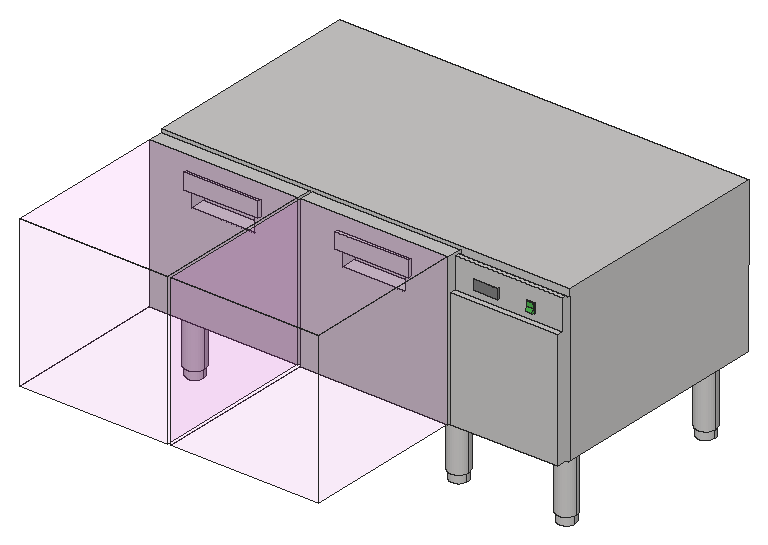
Revit family "QF_ELECTROLUXPROFESSIONAL_371294_E7TTEECOMIN", category Specialty Equipment, Revit 2018 (continued)
Lines and regions (mm)
  Split face 148
    outline origin (788.396, -348, 142.29) x (0, 0, -1) y (1, 0, 0)
      loop
        line (-116.984, -242.399) -> (-85.025, -242.399)
  Split face 149
    outline origin (800.396, -348, 142.29) x (0, 0, -1) y (1, 0, 0)
      loop
        arc (-85.025, -242.399) -> (-81.004, -238.41) -> (-85.004, -234.4) r 4
        line (-85.004, -234.4) -> (-117.004, -234.4)
        arc (-117.004, -234.4) -> (-121.004, -238.41) -> (-116.984, -242.399) r 4
        line (-116.984, -242.399) -> (-85.025, -242.399)
  Split face 150
    outline origin (812.396, -348, 142.29) x (0, 0, -1) y (1, 0, 0)
      loop
        arc (-85.025, -242.399) -> (-81.004, -238.41) -> (-85.004, -234.4) r 4
        line (-85.004, -234.4) -> (-117.004, -234.4)
        arc (-117.004, -234.4) -> (-121.004, -238.41) -> (-116.984, -242.399) r 4
        line (-116.984, -242.399) -> (-85.025, -242.399)
  Split face 151
    outline origin (589.5, -348, 142.29) x (0, 0, -1) y (1, 0, 0)
      loop
        arc (-85.025, -282.599) -> (-81.004, -278.61) -> (-85.004, -274.599) r 4
        line (-85.004, -274.599) -> (-117.004, -274.599)
        arc (-117.004, -274.599) -> (-121.004, -278.61) -> (-116.984, -282.599) r 4
        line (-116.984, -282.599) -> (-85.025, -282.599)
  Split face 152
    outline origin (709.396, -348, 412.291) x (0, 0, -1) y (1, 0, 0)
      loop
        arc (-85.025, -282.599) -> (-81.004, -278.61) -> (-85.004, -274.599) r 4
        line (-85.004, -274.599) -> (-117.004, -274.599)
        arc (-117.004, -274.599) -> (-121.004, -278.61) -> (-116.984, -282.599) r 4
        line (-116.984, -282.599) -> (-85.025, -282.599)
  Split face 153
    outline origin (721.397, -348, 412.291) x (0, 0, -1) y (1, 0, 0)
      loop
        arc (-85.025, -282.599) -> (-81.004, -278.61) -> (-85.004, -274.599) r 4
        line (-85.004, -274.599) -> (-117.004, -274.599)
        arc (-117.004, -274.599) -> (-121.004, -278.61) -> (-116.984, -282.599) r 4
        line (-116.984, -282.599) -> (-85.025, -282.599)
  Split face 154
    outline origin (733.396, -348, 412.291) x (0, 0, -1) y (1, 0, 0)
      loop
        arc (-85.025, -282.599) -> (-81.004, -278.61) -> (-85.004, -274.599) r 4
        line (-85.004, -274.599) -> (-117.004, -274.599)
        arc (-117.004, -274.599) -> (-121.004, -278.61) -> (-116.984, -282.599) r 4
        line (-116.984, -282.599) -> (-85.025, -282.599)
  Split face 155
    outline origin (709.396, -348, 367.29) x (0, 0, -1) y (1, 0, 0)
      loop
        arc (-85.025, -282.599) -> (-81.004, -278.61) -> (-85.004, -274.599) r 4
        line (-85.004, -274.599) -> (-117.004, -274.599)
        arc (-117.004, -274.599) -> (-121.004, -278.61) -> (-116.984, -282.599) r 4
        line (-116.984, -282.599) -> (-85.025, -282.599)
  Split face 156
    outline origin (721.397, -348, 367.29) x (0, 0, -1) y (1, 0, 0)
      loop
        arc (-85.025, -282.599) -> (-81.004, -278.61) -> (-85.004, -274.599) r 4
        line (-85.004, -274.599) -> (-117.004, -274.599)
        arc (-117.004, -274.599) -> (-121.004, -278.61) -> (-116.984, -282.599) r 4
        line (-116.984, -282.599) -> (-85.025, -282.599)
  Split face 157
    outline origin (733.396, -348, 367.29) x (0, 0, -1) y (1, 0, 0)
      loop
        arc (-85.025, -282.599) -> (-81.004, -278.61) -> (-85.004, -274.599) r 4
        line (-85.004, -274.599) -> (-117.004, -274.599)
        arc (-117.004, -274.599) -> (-121.004, -278.61) -> (-116.984, -282.599) r 4
        line (-116.984, -282.599) -> (-85.025, -282.599)
  Split face 158
    outline origin (709.396, -348, 322.29) x (0, 0, -1) y (1, 0, 0)
      loop
        arc (-85.025, -282.599) -> (-81.004, -278.61) -> (-85.004, -274.599) r 4
        line (-85.004, -274.599) -> (-117.004, -274.599)
        arc (-117.004, -274.599) -> (-121.004, -278.61) -> (-116.984, -282.599) r 4
        line (-116.984, -282.599) -> (-85.025, -282.599)
  Split face 159
    outline origin (721.397, -348, 322.29) x (0, 0, -1) y (1, 0, 0)
      loop
        arc (-85.025, -282.599) -> (-81.004, -278.61) -> (-85.004, -274.599) r 4
        line (-85.004, -274.599) -> (-117.004, -274.599)
        arc (-117.004, -274.599) -> (-121.004, -278.61) -> (-116.984, -282.599) r 4
        line (-116.984, -282.599) -> (-85.025, -282.599)
  Split face 160
    outline origin (733.396, -348, 322.29) x (0, 0, -1) y (1, 0, 0)
      loop
        arc (-85.025, -282.599) -> (-81.004, -278.61) -> (-85.004, -274.599) r 4
        line (-85.004, -274.599) -> (-117.004, -274.599)
        arc (-117.004, -274.599) -> (-121.004, -278.61) -> (-116.984, -282.599) r 4
        line (-116.984, -282.599) -> (-85.025, -282.599)
  Split face 161
    outline origin (709.396, -348, 277.29) x (0, 0, -1) y (1, 0, 0)
      loop
        arc (-85.025, -282.599) -> (-81.004, -278.61) -> (-85.004, -274.599) r 4
        line (-85.004, -274.599) -> (-117.004, -274.599)
        arc (-117.004, -274.599) -> (-121.004, -278.61) -> (-116.984, -282.599) r 4
        line (-116.984, -282.599) -> (-85.025, -282.599)
  Split face 162
    outline origin (721.397, -348, 277.29) x (0, 0, -1) y (1, 0, 0)
      loop
        arc (-85.025, -282.599) -> (-81.004, -278.61) -> (-85.004, -274.599) r 4
        line (-85.004, -274.599) -> (-117.004, -274.599)
        arc (-117.004, -274.599) -> (-121.004, -278.61) -> (-116.984, -282.599) r 4
        line (-116.984, -282.599) -> (-85.025, -282.599)
  Split face 163
    outline origin (733.396, -348, 277.29) x (0, 0, -1) y (1, 0, 0)
      loop
        arc (-85.025, -282.599) -> (-81.004, -278.61) -> (-85.004, -274.599) r 4
        line (-85.004, -274.599) -> (-117.004, -274.599)
        arc (-117.004, -274.599) -> (-121.004, -278.61) -> (-116.984, -282.599) r 4
        line (-116.984, -282.599) -> (-85.025, -282.599)
  Split face 164
    outline origin (709.396, -348, 232.29) x (0, 0, -1) y (1, 0, 0)
      loop
        arc (-85.025, -282.599) -> (-81.004, -278.61) -> (-85.004, -274.599) r 4
        line (-85.004, -274.599) -> (-117.004, -274.599)
        arc (-117.004, -274.599) -> (-121.004, -278.61) -> (-116.984, -282.599) r 4
        line (-116.984, -282.599) -> (-85.025, -282.599)
  Split face 165
    outline origin (721.397, -348, 232.29) x (0, 0, -1) y (1, 0, 0)
      loop
        arc (-85.025, -282.599) -> (-81.004, -278.61) -> (-85.004, -274.599) r 4
        line (-85.004, -274.599) -> (-117.004, -274.599)
        arc (-117.004, -274.599) -> (-121.004, -278.61) -> (-116.984, -282.599) r 4
        line (-116.984, -282.599) -> (-85.025, -282.599)
  Split face 166
    outline origin (733.396, -348, 232.29) x (0, 0, -1) y (1, 0, 0)
      loop
        arc (-85.025, -282.599) -> (-81.004, -278.61) -> (-85.004, -274.599) r 4
        line (-85.004, -274.599) -> (-117.004, -274.599)
        arc (-117.004, -274.599) -> (-121.004, -278.61) -> (-116.984, -282.599) r 4
        line (-116.984, -282.599) -> (-85.025, -282.599)
  Split face 167
    outline origin (709.396, -348, 187.29) x (0, 0, -1) y (1, 0, 0)
      loop
        arc (-85.025, -282.599) -> (-81.004, -278.61) -> (-85.004, -274.599) r 4
        line (-85.004, -274.599) -> (-117.004, -274.599)
        arc (-117.004, -274.599) -> (-121.004, -278.61) -> (-116.984, -282.599) r 4
        line (-116.984, -282.599) -> (-85.025, -282.599)
  Split face 168
    outline origin (721.397, -348, 187.29) x (0, 0, -1) y (1, 0, 0)
      loop
        arc (-85.025, -282.599) -> (-81.004, -278.61) -> (-85.004, -274.599) r 4
        line (-85.004, -274.599) -> (-117.004, -274.599)
        arc (-117.004, -274.599) -> (-121.004, -278.61) -> (-116.984, -282.599) r 4
        line (-116.984, -282.599) -> (-85.025, -282.599)
  Split face 169
    outline origin (733.396, -348, 187.29) x (0, 0, -1) y (1, 0, 0)
      loop
        arc (-85.025, -282.599) -> (-81.004, -278.61) -> (-85.004, -274.599) r 4
        line (-85.004, -274.599) -> (-117.004, -274.599)
        arc (-117.004, -274.599) -> (-121.004, -278.61) -> (-116.984, -282.599) r 4
        line (-116.984, -282.599) -> (-85.025, -282.599)
  Split face 170
    outline origin (709.396, -348, 142.29) x (0, 0, -1) y (1, 0, 0)
      loop
        arc (-85.025, -282.599) -> (-81.004, -278.61) -> (-85.004, -274.599) r 4
        line (-85.004, -274.599) -> (-117.004, -274.599)
        arc (-117.004, -274.599) -> (-121.004, -278.61) -> (-116.984, -282.599) r 4
        line (-116.984, -282.599) -> (-85.025, -282.599)
  Split face 171
    outline origin (721.397, -348, 142.29) x (0, 0, -1) y (1, 0, 0)
      loop
        arc (-85.025, -282.599) -> (-81.004, -278.61) -> (-85.004, -274.599) r 4
        line (-85.004, -274.599) -> (-117.004, -274.599)
        arc (-117.004, -274.599) -> (-121.004, -278.61) -> (-116.984, -282.599) r 4
        line (-116.984, -282.599) -> (-85.025, -282.599)
  Split face 172
    outline origin (733.396, -348, 142.29) x (0, 0, -1) y (1, 0, 0)
      loop
        arc (-85.025, -282.599) -> (-81.004, -278.61) -> (-85.004, -274.599) r 4
        line (-85.004, -274.599) -> (-117.004, -274.599)
        arc (-117.004, -274.599) -> (-121.004, -278.61) -> (-116.984, -282.599) r 4
        line (-116.984, -282.599) -> (-85.025, -282.599)
  symbolic lines, style "SpecialityEquipmentHiddenLines"
    curve 1: line (-599, 350, 0) -> (599, 350, 0)
    curve 2: line (-599, -348, 0) -> (-599, 350, 0)
    curve 3: line (599, -348, 0) -> (-599, -348, 0)
    curve 4: line (599, 350, 0) -> (599, -348, 0)
    curve 17: line (-599, -303, 0) -> (599, -303, 0)
  symbolic lines, style "QF_Door-Drawer Clearances"
    curve 5: line (-579, -348, 0) -> (-579, -473, 0)
    curve 6: line (-184.999, -473, 0) -> (-184.999, -348, 0)
    curve 7: line (-136.499, -348, 0) -> (-136.499, -473, 0)
    curve 8: line (257.502, -473, 0) -> (257.502, -348, 0)
    curve 9: line (-599, -473, 0) -> (-164.999, -473, 0)
    curve 10: line (-156.499, -473, 0) -> (277.502, -473, 0)
    curve 11: line (-599, -513, 0) -> (-164.999, -513, 0)
    curve 12: line (-156.499, -513, 0) -> (277.502, -513, 0)
    curve 13: line (-164.999, -513, 0) -> (-164.999, -473, 0)
    curve 14: line (-156.499, -473, 0) -> (-156.499, -513, 0)
    curve 15: line (-599, -473, 0) -> (-599, -513, 0)
    curve 16: line (277.502, -513, 0) -> (277.502, -473, 0)
Dimensions and locks
  plane 4 to level = 200 mm
  plane 5 "TOP" to level = 650 mm
  plane 5 "TOP" to plane 4 = 450 mm
  equal spacing: plane 8 "LEFT", plane 3 "Centro (Sinistra/Destra)", plane 9 "RIGHT"
  plane 8 "LEFT" to plane 9 "RIGHT" = 1200 mm
  equal spacing: plane 6 "BACK", plane 1 "Center X", plane 7 "FRONT"
  plane 6 "BACK" to plane 7 "FRONT" = 700 mm
  locked: plane 6 "BACK" to plane 10 at 653
  locked: plane 10 to plane 11 at 45
  locked: plane 8 "LEFT" to plane 12 at 55
  locked: plane 13 to plane 9 "RIGHT" at 55
  locked: plane 12 to plane 14 at 774
  locked: plane 6 "BACK" to plane 15 at 88
  locked: plane 16 to plane 11 at 99
  locked: plane 19 to plane 9 "RIGHT" at 1
  locked: plane 8 "LEFT" to plane 18 at 1
  plane 19 to plane 17 = 313 mm
  locked: plane 6 "BACK" to plane 20 at 160
  plane 21 to plane 9 "RIGHT" = 40 mm
  aligned and locked: level to plane 2
  aligned and locked: plane 12 to nested 1
  aligned and locked: nested 1 to plane 16
  aligned and locked: nested 2 to plane 15
  aligned and locked: plane 14 to nested 3
  aligned and locked: nested 4 to plane 14
  aligned and locked: plane 13 to nested 5
  aligned and locked: nested 6 to plane 13
  aligned and locked: Extrusion 1 sketch curve to plane 6 "BACK"
  aligned and locked: plane 10 to Extrusion 1 sketch curve
  aligned and locked: Extrusion 2 to plane 11
  aligned and locked: Extrusion 10 to plane 11
  aligned and locked: plane 19 to Extrusion 1
  aligned and locked: plane 4 to Extrusion 12
Automatic sketch dimensions
  Extrusion 2 sketch curve to plane 18 = 0 mm
  plane 12 to Extrusion 2 sketch curve = 69.7 mm
  Extrusion 2 sketch curve to Extrusion 2 sketch curve = 186.601 mm
  Extrusion 2 sketch curve to plane 5 "TOP" = 9.006 mm
  Extrusion 2 sketch curve to Extrusion 2 sketch curve = 123.7 mm
  Extrusion 2 sketch curve to plane 5 "TOP" = 65 mm
  Extrusion 2 sketch curve to Extrusion 2 sketch curve = 78.294 mm
  plane 4 to Extrusion 2 sketch curve = 1.587 mm
  Extrusion 2 to Extrusion 3 sketch curve = 0 mm
  Extrusion 3 sketch curve to Extrusion 2 = 0 mm  (x3)
  Extrusion 4 sketch curve to plane 4 = 0 mm
  Extrusion 4 sketch curve to plane 10 = 0 mm
  Extrusion 4 sketch curve to plane 10 = 5.442 mm
  plane 4 to Extrusion 4 sketch curve = 4.796 mm
  Extrusion 4 sketch curve to Extrusion 4 sketch curve = 9.721 mm
  Extrusion 4 sketch curve to plane 10 = 16.763 mm
  Extrusion 4 sketch curve to Extrusion 4 sketch curve = 11.336 mm
  plane 11 to Extrusion 4 sketch curve = 0 mm
  Extrusion 4 sketch curve to plane 5 "TOP" = 100.204 mm
  Extrusion 4 sketch curve to plane 5 "TOP" = 20.473 mm
  Extrusion 4 sketch curve to plane 5 "TOP" = 9.006 mm
  Extrusion 4 to Extrusion 5 sketch curve = 42.198 mm
  Extrusion 5 sketch curve to Extrusion 4 = 20 mm
  Extrusion 4 to Extrusion 5 sketch curve = 102.899 mm
  Extrusion 5 sketch curve to Extrusion 5 sketch curve = 22 mm
  Extrusion 4 to Extrusion 6 sketch curve = 42.198 mm
  Extrusion 6 sketch curve to Extrusion 4 = 20 mm
  Extrusion 4 to Extrusion 6 sketch curve = 54.901 mm
  Extrusion 6 sketch curve to Extrusion 6 sketch curve = 70 mm
  Split face 1 sketch curve to Extrusion 6 = 5 mm
  Split face 1 sketch curve to Extrusion 6 = 9 mm
  Split face 1 sketch curve to Extrusion 6 = 10 mm  (x2)
  Split face 2 sketch curve to Extrusion 6 = 12.5 mm
  Split face 2 sketch curve to Extrusion 6 = 7 mm
  Split face 3 sketch curve to Extrusion 6 = 7.5 mm
  Split face 3 sketch curve to Extrusion 6 = 7 mm
  Split face 4 sketch curve to Extrusion 6 = 11.5 mm
  Split face 4 sketch curve to Extrusion 6 = 7 mm
  Split face 5 sketch curve to Extrusion 6 = 7.5 mm
  Split face 5 sketch curve to Extrusion 6 = 7 mm
  Split face 6 sketch curve to Extrusion 6 = 12.5 mm
  Split face 6 sketch curve to Extrusion 6 = 7 mm
  Split face 7 sketch curve to Extrusion 6 = 11.5 mm
  Split face 7 sketch curve to Extrusion 6 = 7 mm
  Split face 8 sketch curve to Extrusion 6 = 7.047 mm
  Split face 8 sketch curve to Extrusion 6 = 2.047 mm
  Split face 8 sketch curve to Extrusion 6 = 10 mm
  Split face 8 sketch curve to Split face 8 sketch curve = 11 mm
  Split face 9 sketch curve to Extrusion 6 = 7.047 mm
  Split face 9 sketch curve to Extrusion 6 = 2.047 mm
  Split face 9 sketch curve to Extrusion 6 = 23 mm
  Split face 9 sketch curve to Split face 9 sketch curve = 11 mm
  Split face 10 sketch curve to Extrusion 6 = 7.047 mm
  Split face 10 sketch curve to Extrusion 6 = 2.047 mm
  Split face 10 sketch curve to Extrusion 6 = 34 mm
  Split face 10 sketch curve to Split face 10 sketch curve = 11 mm
  Split face 11 sketch curve to Extrusion 6 = 7.047 mm
  Split face 11 sketch curve to Extrusion 6 = 2.047 mm
  Split face 11 sketch curve to Extrusion 6 = 21 mm
  Split face 11 sketch curve to Extrusion 6 = 10 mm
  Extrusion 7 sketch curve to Extrusion 7 sketch curve = 0 mm  (x3)
  Extrusion 7 sketch curve to Extrusion 5 = 0 mm
  Extrusion 5 to Extrusion 7 sketch curve = 2.279 mm
  Extrusion 7 sketch curve to Extrusion 7 sketch curve = 0.116 mm
  Extrusion 7 sketch curve to Extrusion 7 sketch curve = 12.105 mm
  Extrusion 5 to Extrusion 7 sketch curve = 3.692 mm
  Extrusion 5 to Extrusion 7 sketch curve = 2.395 mm
  Split face 12 sketch curve to Extrusion 4 = 20.5 mm
  Split face 12 sketch curve to Split face 12 sketch curve = 0.02 mm  (x2)
  Split face 12 sketch curve to Split face 12 sketch curve = 31.959 mm
  Split face 12 sketch curve to Extrusion 4 = 32.901 mm
  Split face 12 sketch curve to Split face 12 sketch curve = 4 mm
  Split face 13 sketch curve to Extrusion 4 = 20.5 mm
  Split face 13 sketch curve to Split face 13 sketch curve = 0.02 mm  (x2)
  Split face 13 sketch curve to Split face 13 sketch curve = 31.959 mm
  Split face 13 sketch curve to Extrusion 4 = 44.9 mm
  Split face 13 sketch curve to Split face 13 sketch curve = 4 mm
  Split face 14 sketch curve to Extrusion 4 = 20.5 mm
  Split face 14 sketch curve to Split face 14 sketch curve = 0.02 mm  (x2)
  Split face 14 sketch curve to Split face 14 sketch curve = 31.959 mm
  Split face 14 sketch curve to Extrusion 4 = 56.9 mm
  Split face 14 sketch curve to Split face 14 sketch curve = 4 mm
  Split face 15 sketch curve to Extrusion 4 = 20.5 mm
  Split face 15 sketch curve to Split face 15 sketch curve = 0.02 mm  (x2)
  Split face 15 sketch curve to Split face 15 sketch curve = 31.959 mm
  Split face 15 sketch curve to Extrusion 4 = 68.797 mm
  Split face 15 sketch curve to Split face 15 sketch curve = 4 mm
  Split face 16 sketch curve to Extrusion 4 = 20.5 mm
  Split face 16 sketch curve to Split face 16 sketch curve = 0.02 mm  (x2)
  Split face 16 sketch curve to Split face 16 sketch curve = 31.959 mm
  Split face 16 sketch curve to Extrusion 4 = 80.797 mm
  Split face 16 sketch curve to Split face 16 sketch curve = 4 mm
  Split face 17 sketch curve to Extrusion 4 = 20.5 mm
  Split face 17 sketch curve to Split face 17 sketch curve = 0.02 mm  (x2)
  Split face 17 sketch curve to Split face 17 sketch curve = 31.959 mm
  Split face 17 sketch curve to Extrusion 4 = 92.797 mm
  Split face 17 sketch curve to Split face 17 sketch curve = 4 mm
  Split face 18 sketch curve to Extrusion 4 = 20.5 mm
  Split face 18 sketch curve to Split face 18 sketch curve = 0.02 mm  (x2)
  Split face 18 sketch curve to Split face 18 sketch curve = 31.959 mm
  Split face 18 sketch curve to Extrusion 4 = 104.797 mm
  Split face 18 sketch curve to Split face 18 sketch curve = 4 mm
  Split face 19 sketch curve to Extrusion 4 = 20.5 mm
  Split face 19 sketch curve to Split face 19 sketch curve = 0.02 mm  (x2)
  Split face 19 sketch curve to Split face 19 sketch curve = 31.959 mm
  Split face 19 sketch curve to Extrusion 4 = 116.797 mm
  Split face 19 sketch curve to Split face 19 sketch curve = 4 mm
  Split face 20 sketch curve to Extrusion 4 = 20.5 mm
  Split face 20 sketch curve to Split face 20 sketch curve = 0.02 mm  (x2)
  Split face 20 sketch curve to Split face 20 sketch curve = 31.959 mm
  Split face 20 sketch curve to Extrusion 4 = 128.797 mm
  Split face 20 sketch curve to Split face 20 sketch curve = 4 mm
  Split face 21 sketch curve to Extrusion 4 = 20.5 mm
  Split face 21 sketch curve to Split face 21 sketch curve = 0.02 mm  (x2)
  Split face 21 sketch curve to Split face 21 sketch curve = 31.959 mm
  Split face 21 sketch curve to Extrusion 4 = 137.003 mm
  Split face 21 sketch curve to Split face 21 sketch curve = 4 mm
  Split face 22 sketch curve to Extrusion 4 = 20.5 mm
  Split face 22 sketch curve to Split face 22 sketch curve = 0.02 mm  (x2)
  Split face 22 sketch curve to Split face 22 sketch curve = 31.959 mm
  Split face 22 sketch curve to Extrusion 4 = 125.004 mm
  Split face 22 sketch curve to Split face 22 sketch curve = 4 mm
  Split face 23 sketch curve to Extrusion 4 = 20.5 mm
  Split face 23 sketch curve to Split face 23 sketch curve = 0.02 mm  (x2)
  Split face 23 sketch curve to Split face 23 sketch curve = 31.959 mm
  Split face 23 sketch curve to Extrusion 4 = 113.003 mm
  Split face 23 sketch curve to Split face 23 sketch curve = 4 mm
  Split face 24 sketch curve to Extrusion 4 = 20.5 mm
  Split face 24 sketch curve to Split face 24 sketch curve = 0.02 mm  (x2)
  Split face 24 sketch curve to Split face 24 sketch curve = 31.959 mm
  Split face 24 sketch curve to Extrusion 4 = 101.003 mm
  Split face 24 sketch curve to Split face 24 sketch curve = 4 mm
  Split face 25 sketch curve to Extrusion 4 = 20.5 mm
  Split face 25 sketch curve to Split face 25 sketch curve = 0.02 mm  (x2)
  Split face 25 sketch curve to Split face 25 sketch curve = 31.959 mm
  Split face 25 sketch curve to Extrusion 4 = 89.003 mm
  Split face 25 sketch curve to Split face 25 sketch curve = 4 mm
  Split face 26 sketch curve to Extrusion 4 = 20.5 mm
  Split face 26 sketch curve to Split face 26 sketch curve = 0.02 mm  (x2)
  Split face 26 sketch curve to Split face 26 sketch curve = 31.959 mm
  Split face 26 sketch curve to Extrusion 4 = 77.004 mm
  Split face 26 sketch curve to Split face 26 sketch curve = 4 mm
  Split face 27 sketch curve to Extrusion 4 = 20.5 mm
  Split face 27 sketch curve to Split face 27 sketch curve = 0.02 mm  (x2)
  Split face 27 sketch curve to Split face 27 sketch curve = 31.959 mm
  Split face 27 sketch curve to Extrusion 4 = 65.003 mm
  Split face 27 sketch curve to Split face 27 sketch curve = 4 mm
  Split face 28 sketch curve to Extrusion 4 = 20.5 mm
  Split face 28 sketch curve to Split face 28 sketch curve = 0.02 mm  (x2)
  Split face 28 sketch curve to Split face 28 sketch curve = 31.959 mm
  Split face 28 sketch curve to Extrusion 4 = 53.004 mm
  Split face 28 sketch curve to Split face 28 sketch curve = 4 mm
  Split face 29 sketch curve to Extrusion 4 = 20.5 mm
  Split face 29 sketch curve to Split face 29 sketch curve = 0.02 mm  (x2)
  Split face 29 sketch curve to Split face 29 sketch curve = 31.959 mm
  Split face 29 sketch curve to Extrusion 4 = 41.004 mm
  Split face 29 sketch curve to Split face 29 sketch curve = 4 mm
  Split face 30 sketch curve to Extrusion 4 = 20.5 mm
  Split face 30 sketch curve to Split face 30 sketch curve = 0.02 mm  (x2)
  Split face 30 sketch curve to Split face 30 sketch curve = 31.959 mm
  Split face 30 sketch curve to Extrusion 4 = 29.004 mm
  Split face 30 sketch curve to Split face 30 sketch curve = 4 mm
  Split face 31 sketch curve to Extrusion 4 = 20.5 mm
  Split face 31 sketch curve to Split face 31 sketch curve = 0.02 mm  (x2)
  Split face 31 sketch curve to Split face 31 sketch curve = 31.959 mm
  Split face 31 sketch curve to Extrusion 4 = 20.901 mm
  Split face 31 sketch curve to Split face 31 sketch curve = 4 mm
  Split face 32 sketch curve to Extrusion 4 = 65.502 mm
  Split face 32 sketch curve to Split face 32 sketch curve = 0.02 mm  (x2)
  Split face 32 sketch curve to Split face 32 sketch curve = 31.959 mm
  Split face 32 sketch curve to Extrusion 4 = 32.901 mm
  Split face 32 sketch curve to Split face 32 sketch curve = 4 mm
  Split face 33 sketch curve to Extrusion 4 = 65.502 mm
  Split face 33 sketch curve to Split face 33 sketch curve = 0.02 mm  (x2)
  Split face 33 sketch curve to Split face 33 sketch curve = 31.959 mm
  Split face 33 sketch curve to Extrusion 4 = 44.9 mm
  Split face 33 sketch curve to Split face 33 sketch curve = 4 mm
  Split face 34 sketch curve to Extrusion 4 = 65.502 mm
  Split face 34 sketch curve to Split face 34 sketch curve = 0.02 mm  (x2)
  Split face 34 sketch curve to Split face 34 sketch curve = 31.959 mm
  Split face 34 sketch curve to Extrusion 4 = 56.9 mm
  Split face 34 sketch curve to Split face 34 sketch curve = 4 mm
  Split face 35 sketch curve to Extrusion 4 = 65.502 mm
  Split face 35 sketch curve to Split face 35 sketch curve = 0.02 mm  (x2)
  Split face 35 sketch curve to Split face 35 sketch curve = 31.959 mm
  Split face 35 sketch curve to Extrusion 4 = 68.797 mm
  Split face 35 sketch curve to Split face 35 sketch curve = 4 mm
  Split face 36 sketch curve to Extrusion 4 = 65.502 mm
  Split face 36 sketch curve to Split face 36 sketch curve = 0.02 mm  (x2)
  Split face 36 sketch curve to Split face 36 sketch curve = 31.959 mm
  Split face 36 sketch curve to Extrusion 4 = 80.797 mm
  Split face 36 sketch curve to Split face 36 sketch curve = 4 mm
  Split face 37 sketch curve to Extrusion 4 = 65.502 mm
  Split face 37 sketch curve to Split face 37 sketch curve = 0.02 mm  (x2)
  Split face 37 sketch curve to Split face 37 sketch curve = 31.959 mm
  Split face 37 sketch curve to Extrusion 4 = 92.797 mm
  Split face 37 sketch curve to Split face 37 sketch curve = 4 mm
  Split face 38 sketch curve to Extrusion 4 = 65.502 mm
  Split face 38 sketch curve to Split face 38 sketch curve = 0.02 mm  (x2)
  Split face 38 sketch curve to Split face 38 sketch curve = 31.959 mm
  Split face 38 sketch curve to Extrusion 4 = 104.797 mm
  Split face 38 sketch curve to Split face 38 sketch curve = 4 mm
  Split face 39 sketch curve to Extrusion 4 = 65.502 mm
  Split face 39 sketch curve to Split face 39 sketch curve = 0.02 mm  (x2)
  Split face 39 sketch curve to Split face 39 sketch curve = 31.959 mm
  Split face 39 sketch curve to Extrusion 4 = 116.797 mm
  Split face 39 sketch curve to Split face 39 sketch curve = 4 mm
  Split face 40 sketch curve to Extrusion 4 = 65.502 mm
  Split face 40 sketch curve to Split face 40 sketch curve = 0.02 mm  (x2)
  Split face 40 sketch curve to Split face 40 sketch curve = 31.959 mm
  Split face 40 sketch curve to Extrusion 4 = 128.797 mm
  Split face 40 sketch curve to Split face 40 sketch curve = 4 mm
  Split face 41 sketch curve to Extrusion 4 = 65.502 mm
  Split face 41 sketch curve to Split face 41 sketch curve = 0.02 mm  (x2)
  Split face 41 sketch curve to Split face 41 sketch curve = 31.959 mm
  Split face 41 sketch curve to Extrusion 4 = 137.003 mm
  Split face 41 sketch curve to Split face 41 sketch curve = 4 mm
  Split face 42 sketch curve to Extrusion 4 = 65.502 mm
  Split face 42 sketch curve to Split face 42 sketch curve = 0.02 mm  (x2)
  Split face 42 sketch curve to Split face 42 sketch curve = 31.959 mm
  Split face 42 sketch curve to Extrusion 4 = 125.004 mm
  Split face 42 sketch curve to Split face 42 sketch curve = 4 mm
  Split face 43 sketch curve to Extrusion 4 = 65.502 mm
  Split face 43 sketch curve to Split face 43 sketch curve = 0.02 mm  (x2)
  Split face 43 sketch curve to Split face 43 sketch curve = 31.959 mm
  Split face 43 sketch curve to Extrusion 4 = 113.003 mm
  Split face 43 sketch curve to Split face 43 sketch curve = 4 mm
  Split face 44 sketch curve to Extrusion 4 = 65.502 mm
  Split face 44 sketch curve to Split face 44 sketch curve = 0.02 mm  (x2)
  Split face 44 sketch curve to Split face 44 sketch curve = 31.959 mm
  Split face 44 sketch curve to Extrusion 4 = 101.003 mm
  Split face 44 sketch curve to Split face 44 sketch curve = 4 mm
  Split face 45 sketch curve to Extrusion 4 = 65.502 mm
  Split face 45 sketch curve to Split face 45 sketch curve = 0.02 mm  (x2)
  Split face 45 sketch curve to Split face 45 sketch curve = 31.959 mm
  Split face 45 sketch curve to Extrusion 4 = 89.003 mm
  Split face 45 sketch curve to Split face 45 sketch curve = 4 mm
  Split face 46 sketch curve to Extrusion 4 = 65.502 mm
  Split face 46 sketch curve to Split face 46 sketch curve = 0.02 mm  (x2)
  Split face 46 sketch curve to Split face 46 sketch curve = 31.959 mm
  Split face 46 sketch curve to Extrusion 4 = 77.004 mm
  Split face 46 sketch curve to Split face 46 sketch curve = 4 mm
  Split face 47 sketch curve to Extrusion 4 = 65.502 mm
  Split face 47 sketch curve to Split face 47 sketch curve = 0.02 mm  (x2)
  Split face 47 sketch curve to Split face 47 sketch curve = 31.959 mm
  Split face 47 sketch curve to Extrusion 4 = 65.003 mm
  Split face 47 sketch curve to Split face 47 sketch curve = 4 mm
  Split face 48 sketch curve to Extrusion 4 = 65.502 mm
  Split face 48 sketch curve to Split face 48 sketch curve = 0.02 mm  (x2)
  Split face 48 sketch curve to Split face 48 sketch curve = 31.959 mm
  Split face 48 sketch curve to Extrusion 4 = 53.004 mm
  Split face 48 sketch curve to Split face 48 sketch curve = 4 mm
  Split face 49 sketch curve to Extrusion 4 = 65.502 mm
  Split face 49 sketch curve to Split face 49 sketch curve = 0.02 mm  (x2)
  Split face 49 sketch curve to Split face 49 sketch curve = 31.959 mm
  Split face 49 sketch curve to Extrusion 4 = 41.004 mm
  Split face 49 sketch curve to Split face 49 sketch curve = 4 mm
  Split face 50 sketch curve to Extrusion 4 = 25.004 mm
  Split face 50 sketch curve to Extrusion 4 = 65.502 mm
  Split face 50 sketch curve to Split face 50 sketch curve = 0.02 mm  (x2)
  Split face 50 sketch curve to Split face 50 sketch curve = 31.959 mm
  Split face 50 sketch curve to Split face 50 sketch curve = 4 mm
  Split face 51 sketch curve to Extrusion 4 = 24.901 mm
  Split face 51 sketch curve to Extrusion 4 = 65.502 mm
  Split face 51 sketch curve to Split face 51 sketch curve = 0.02 mm  (x2)
  Split face 51 sketch curve to Split face 51 sketch curve = 31.959 mm
  Split face 51 sketch curve to Split face 51 sketch curve = 4 mm
  Split face 52 sketch curve to Extrusion 4 = 36.901 mm
  Split face 52 sketch curve to Extrusion 4 = 110.502 mm
  Split face 52 sketch curve to Split face 52 sketch curve = 0.02 mm  (x2)
  Split face 52 sketch curve to Split face 52 sketch curve = 31.959 mm
  Split face 52 sketch curve to Split face 52 sketch curve = 4 mm
  Split face 53 sketch curve to Extrusion 4 = 48.9 mm
  Split face 53 sketch curve to Extrusion 4 = 110.502 mm
  Split face 53 sketch curve to Split face 53 sketch curve = 0.02 mm  (x2)
  Split face 53 sketch curve to Split face 53 sketch curve = 31.959 mm
  Split face 53 sketch curve to Split face 53 sketch curve = 4 mm
  Split face 54 sketch curve to Extrusion 4 = 110.502 mm
  Split face 54 sketch curve to Split face 54 sketch curve = 0.02 mm  (x2)
  Split face 54 sketch curve to Split face 54 sketch curve = 31.959 mm
  Split face 54 sketch curve to Extrusion 4 = 56.9 mm
  Split face 54 sketch curve to Split face 54 sketch curve = 4 mm
  Split face 55 sketch curve to Extrusion 4 = 110.502 mm
  Split face 55 sketch curve to Split face 55 sketch curve = 0.02 mm  (x2)
  Split face 55 sketch curve to Split face 55 sketch curve = 31.959 mm
  Split face 55 sketch curve to Extrusion 4 = 68.797 mm
  Split face 55 sketch curve to Split face 55 sketch curve = 4 mm
  Split face 56 sketch curve to Extrusion 4 = 110.502 mm
  Split face 56 sketch curve to Split face 56 sketch curve = 0.02 mm  (x2)
  Split face 56 sketch curve to Split face 56 sketch curve = 31.959 mm
  Split face 56 sketch curve to Extrusion 4 = 80.797 mm
  Split face 56 sketch curve to Split face 56 sketch curve = 4 mm
  Split face 57 sketch curve to Extrusion 4 = 110.502 mm
  Split face 57 sketch curve to Split face 57 sketch curve = 0.02 mm  (x2)
  Split face 57 sketch curve to Split face 57 sketch curve = 31.959 mm
  Split face 57 sketch curve to Extrusion 4 = 92.797 mm
  Split face 57 sketch curve to Split face 57 sketch curve = 4 mm
  Split face 58 sketch curve to Extrusion 4 = 110.502 mm
  Split face 58 sketch curve to Split face 58 sketch curve = 0.02 mm  (x2)
  Split face 58 sketch curve to Split face 58 sketch curve = 31.959 mm
  Split face 58 sketch curve to Extrusion 4 = 104.797 mm
  Split face 58 sketch curve to Split face 58 sketch curve = 4 mm
  Split face 59 sketch curve to Extrusion 4 = 110.502 mm
  Split face 59 sketch curve to Split face 59 sketch curve = 0.02 mm  (x2)
  Split face 59 sketch curve to Split face 59 sketch curve = 31.959 mm
  Split face 59 sketch curve to Extrusion 4 = 116.797 mm
  Split face 59 sketch curve to Split face 59 sketch curve = 4 mm
  Split face 60 sketch curve to Extrusion 4 = 110.502 mm
  Split face 60 sketch curve to Split face 60 sketch curve = 0.02 mm  (x2)
  Split face 60 sketch curve to Split face 60 sketch curve = 31.959 mm
  Split face 60 sketch curve to Extrusion 4 = 128.797 mm
  Split face 60 sketch curve to Split face 60 sketch curve = 4 mm
  Split face 61 sketch curve to Extrusion 4 = 110.502 mm
  Split face 61 sketch curve to Split face 61 sketch curve = 0.02 mm  (x2)
  Split face 61 sketch curve to Split face 61 sketch curve = 31.959 mm
  Split face 61 sketch curve to Extrusion 4 = 137.003 mm
  Split face 61 sketch curve to Split face 61 sketch curve = 4 mm
  Split face 62 sketch curve to Extrusion 4 = 110.502 mm
  Split face 62 sketch curve to Split face 62 sketch curve = 0.02 mm  (x2)
  Split face 62 sketch curve to Split face 62 sketch curve = 31.959 mm
  Split face 62 sketch curve to Extrusion 4 = 125.004 mm
  Split face 62 sketch curve to Split face 62 sketch curve = 4 mm
  Split face 63 sketch curve to Extrusion 4 = 110.502 mm
  Split face 63 sketch curve to Split face 63 sketch curve = 0.02 mm  (x2)
  Split face 63 sketch curve to Split face 63 sketch curve = 31.959 mm
  Split face 63 sketch curve to Extrusion 4 = 113.003 mm
  Split face 63 sketch curve to Split face 63 sketch curve = 4 mm
  Split face 64 sketch curve to Extrusion 4 = 110.502 mm
  Split face 64 sketch curve to Split face 64 sketch curve = 0.02 mm  (x2)
  Split face 64 sketch curve to Split face 64 sketch curve = 31.959 mm
  Split face 64 sketch curve to Extrusion 4 = 101.003 mm
  Split face 64 sketch curve to Split face 64 sketch curve = 4 mm
  Split face 65 sketch curve to Extrusion 4 = 110.502 mm
  Split face 65 sketch curve to Split face 65 sketch curve = 0.02 mm  (x2)
  Split face 65 sketch curve to Split face 65 sketch curve = 31.959 mm
  Split face 65 sketch curve to Extrusion 4 = 89.003 mm
  Split face 65 sketch curve to Split face 65 sketch curve = 4 mm
  Split face 66 sketch curve to Extrusion 4 = 110.502 mm
  Split face 66 sketch curve to Split face 66 sketch curve = 0.02 mm  (x2)
  Split face 66 sketch curve to Split face 66 sketch curve = 31.959 mm
  Split face 66 sketch curve to Extrusion 4 = 77.004 mm
  Split face 66 sketch curve to Split face 66 sketch curve = 4 mm
  Split face 67 sketch curve to Extrusion 4 = 110.502 mm
  Split face 67 sketch curve to Split face 67 sketch curve = 0.02 mm  (x2)
  Split face 67 sketch curve to Split face 67 sketch curve = 31.959 mm
  Split face 67 sketch curve to Extrusion 4 = 65.003 mm
  Split face 67 sketch curve to Split face 67 sketch curve = 4 mm
  Split face 68 sketch curve to Extrusion 4 = 49.004 mm
  Split face 68 sketch curve to Extrusion 4 = 110.502 mm
  Split face 68 sketch curve to Split face 68 sketch curve = 0.02 mm  (x2)
  Split face 68 sketch curve to Split face 68 sketch curve = 31.959 mm
  Split face 68 sketch curve to Split face 68 sketch curve = 4 mm
  Split face 69 sketch curve to Extrusion 4 = 37.004 mm
  Split face 69 sketch curve to Extrusion 4 = 110.502 mm
  Split face 69 sketch curve to Split face 69 sketch curve = 0.02 mm  (x2)
  Split face 69 sketch curve to Split face 69 sketch curve = 31.959 mm
  Split face 69 sketch curve to Split face 69 sketch curve = 4 mm
  Split face 70 sketch curve to Extrusion 4 = 25.004 mm
  Split face 70 sketch curve to Extrusion 4 = 110.502 mm
  Split face 70 sketch curve to Split face 70 sketch curve = 0.02 mm  (x2)
  Split face 70 sketch curve to Split face 70 sketch curve = 31.959 mm
  Split face 70 sketch curve to Split face 70 sketch curve = 4 mm
  Split face 71 sketch curve to Extrusion 4 = 24.901 mm
  Split face 71 sketch curve to Extrusion 4 = 110.502 mm
  Split face 71 sketch curve to Split face 71 sketch curve = 0.02 mm  (x2)
  Split face 71 sketch curve to Split face 71 sketch curve = 31.959 mm
  Split face 71 sketch curve to Split face 71 sketch curve = 4 mm
  Split face 72 sketch curve to Extrusion 4 = 36.901 mm
  Split face 72 sketch curve to Extrusion 4 = 155.502 mm
  Split face 72 sketch curve to Split face 72 sketch curve = 0.02 mm  (x2)
  Split face 72 sketch curve to Split face 72 sketch curve = 31.959 mm
  Split face 72 sketch curve to Split face 72 sketch curve = 4 mm
  Split face 73 sketch curve to Extrusion 4 = 48.9 mm
  Split face 73 sketch curve to Extrusion 4 = 155.502 mm
  Split face 73 sketch curve to Split face 73 sketch curve = 0.02 mm  (x2)
  Split face 73 sketch curve to Split face 73 sketch curve = 31.959 mm
  Split face 73 sketch curve to Split face 73 sketch curve = 4 mm
  Split face 74 sketch curve to Extrusion 4 = 60.9 mm
  Split face 74 sketch curve to Extrusion 4 = 155.502 mm
  Split face 74 sketch curve to Split face 74 sketch curve = 0.02 mm  (x2)
  Split face 74 sketch curve to Split face 74 sketch curve = 31.959 mm
  Split face 74 sketch curve to Split face 74 sketch curve = 4 mm
  Split face 75 sketch curve to Extrusion 4 = 72.797 mm
  Split face 75 sketch curve to Extrusion 4 = 155.502 mm
  Split face 75 sketch curve to Split face 75 sketch curve = 0.02 mm  (x2)
  Split face 75 sketch curve to Split face 75 sketch curve = 31.959 mm
  Split face 75 sketch curve to Split face 75 sketch curve = 4 mm
  Split face 76 sketch curve to Extrusion 4 = 155.502 mm
  Split face 76 sketch curve to Split face 76 sketch curve = 0.02 mm  (x2)
  Split face 76 sketch curve to Split face 76 sketch curve = 31.959 mm
  Split face 76 sketch curve to Extrusion 4 = 80.797 mm
  Split face 76 sketch curve to Split face 76 sketch curve = 4 mm
  Split face 77 sketch curve to Extrusion 4 = 155.502 mm
  Split face 77 sketch curve to Split face 77 sketch curve = 0.02 mm  (x2)
  Split face 77 sketch curve to Split face 77 sketch curve = 31.959 mm
  Split face 77 sketch curve to Extrusion 4 = 92.797 mm
  Split face 77 sketch curve to Split face 77 sketch curve = 4 mm
  Split face 78 sketch curve to Extrusion 4 = 155.502 mm
  Split face 78 sketch curve to Split face 78 sketch curve = 0.02 mm  (x2)
  Split face 78 sketch curve to Split face 78 sketch curve = 31.959 mm
  Split face 78 sketch curve to Extrusion 4 = 104.797 mm
  Split face 78 sketch curve to Split face 78 sketch curve = 4 mm
  Split face 79 sketch curve to Extrusion 4 = 155.502 mm
  Split face 79 sketch curve to Split face 79 sketch curve = 0.02 mm  (x2)
  Split face 79 sketch curve to Split face 79 sketch curve = 31.959 mm
  Split face 79 sketch curve to Extrusion 4 = 116.797 mm
  Split face 79 sketch curve to Split face 79 sketch curve = 4 mm
  Split face 80 sketch curve to Extrusion 4 = 155.502 mm
  Split face 80 sketch curve to Split face 80 sketch curve = 0.02 mm  (x2)
  Split face 80 sketch curve to Split face 80 sketch curve = 31.959 mm
  Split face 80 sketch curve to Extrusion 4 = 128.797 mm
  Split face 80 sketch curve to Split face 80 sketch curve = 4 mm
  Split face 81 sketch curve to Extrusion 4 = 155.502 mm
  Split face 81 sketch curve to Split face 81 sketch curve = 0.02 mm  (x2)
  Split face 81 sketch curve to Split face 81 sketch curve = 31.959 mm
  Split face 81 sketch curve to Extrusion 4 = 137.003 mm
  Split face 81 sketch curve to Split face 81 sketch curve = 4 mm
  Split face 82 sketch curve to Extrusion 4 = 155.502 mm
  Split face 82 sketch curve to Split face 82 sketch curve = 0.02 mm  (x2)
  Split face 82 sketch curve to Split face 82 sketch curve = 31.959 mm
  Split face 82 sketch curve to Extrusion 4 = 125.004 mm
  Split face 82 sketch curve to Split face 82 sketch curve = 4 mm
  Split face 83 sketch curve to Extrusion 4 = 155.502 mm
  Split face 83 sketch curve to Split face 83 sketch curve = 0.02 mm  (x2)
  Split face 83 sketch curve to Split face 83 sketch curve = 31.959 mm
  Split face 83 sketch curve to Extrusion 4 = 113.003 mm
  Split face 83 sketch curve to Split face 83 sketch curve = 4 mm
  Split face 84 sketch curve to Extrusion 4 = 155.502 mm
  Split face 84 sketch curve to Split face 84 sketch curve = 0.02 mm  (x2)
  Split face 84 sketch curve to Split face 84 sketch curve = 31.959 mm
  Split face 84 sketch curve to Extrusion 4 = 101.003 mm
  Split face 84 sketch curve to Split face 84 sketch curve = 4 mm
  Split face 85 sketch curve to Extrusion 4 = 155.502 mm
  Split face 85 sketch curve to Split face 85 sketch curve = 0.02 mm  (x2)
  Split face 85 sketch curve to Split face 85 sketch curve = 31.959 mm
  Split face 85 sketch curve to Extrusion 4 = 89.003 mm
  Split face 85 sketch curve to Split face 85 sketch curve = 4 mm
  Split face 86 sketch curve to Extrusion 4 = 73.004 mm
  Split face 86 sketch curve to Extrusion 4 = 155.502 mm
  Split face 86 sketch curve to Split face 86 sketch curve = 0.02 mm  (x2)
  Split face 86 sketch curve to Split face 86 sketch curve = 31.959 mm
  Split face 86 sketch curve to Split face 86 sketch curve = 4 mm
  Split face 87 sketch curve to Extrusion 4 = 61.003 mm
  Split face 87 sketch curve to Extrusion 4 = 155.502 mm
  Split face 87 sketch curve to Split face 87 sketch curve = 0.02 mm  (x2)
  Split face 87 sketch curve to Split face 87 sketch curve = 31.959 mm
  Split face 87 sketch curve to Split face 87 sketch curve = 4 mm
  Split face 88 sketch curve to Extrusion 4 = 49.004 mm
  Split face 88 sketch curve to Extrusion 4 = 155.502 mm
  Split face 88 sketch curve to Split face 88 sketch curve = 0.02 mm  (x2)
  Split face 88 sketch curve to Split face 88 sketch curve = 31.959 mm
  Split face 88 sketch curve to Split face 88 sketch curve = 4 mm
  Split face 89 sketch curve to Extrusion 4 = 37.004 mm
  Split face 89 sketch curve to Extrusion 4 = 155.502 mm
  Split face 89 sketch curve to Split face 89 sketch curve = 0.02 mm  (x2)
  Split face 89 sketch curve to Split face 89 sketch curve = 31.959 mm
  Split face 89 sketch curve to Split face 89 sketch curve = 4 mm
  Split face 90 sketch curve to Extrusion 4 = 25.004 mm
  Split face 90 sketch curve to Extrusion 4 = 155.502 mm
  Split face 90 sketch curve to Split face 90 sketch curve = 0.02 mm  (x2)
  Split face 90 sketch curve to Split face 90 sketch curve = 31.959 mm
  Split face 90 sketch curve to Split face 90 sketch curve = 4 mm
  Split face 91 sketch curve to Extrusion 4 = 24.901 mm
  Split face 91 sketch curve to Extrusion 4 = 155.502 mm
  Split face 91 sketch curve to Split face 91 sketch curve = 0.02 mm  (x2)
  Split face 91 sketch curve to Split face 91 sketch curve = 31.959 mm
  Split face 91 sketch curve to Split face 91 sketch curve = 4 mm
  Split face 92 sketch curve to Extrusion 4 = 36.901 mm
  Split face 92 sketch curve to Extrusion 4 = 144.498 mm
  Split face 92 sketch curve to Split face 92 sketch curve = 0.02 mm  (x2)
  Split face 92 sketch curve to Split face 92 sketch curve = 31.959 mm
  Split face 92 sketch curve to Split face 92 sketch curve = 4 mm
  Split face 93 sketch curve to Extrusion 4 = 48.9 mm
  Split face 93 sketch curve to Extrusion 4 = 144.498 mm
  Split face 93 sketch curve to Split face 93 sketch curve = 0.02 mm  (x2)
  Split face 93 sketch curve to Split face 93 sketch curve = 31.959 mm
  Split face 93 sketch curve to Split face 93 sketch curve = 4 mm
  Split face 94 sketch curve to Extrusion 4 = 60.9 mm
  Split face 94 sketch curve to Extrusion 4 = 144.498 mm
  Split face 94 sketch curve to Split face 94 sketch curve = 0.02 mm  (x2)
  Split face 94 sketch curve to Split face 94 sketch curve = 31.959 mm
  Split face 94 sketch curve to Split face 94 sketch curve = 4 mm
  Split face 95 sketch curve to Extrusion 4 = 144.498 mm
  Split face 95 sketch curve to Split face 95 sketch curve = 0.02 mm  (x2)
  Split face 95 sketch curve to Split face 95 sketch curve = 31.959 mm
  Split face 95 sketch curve to Extrusion 4 = 68.797 mm
  Split face 95 sketch curve to Split face 95 sketch curve = 4 mm
  Split face 96 sketch curve to Extrusion 4 = 144.498 mm
  Split face 96 sketch curve to Split face 96 sketch curve = 0.02 mm  (x2)
  Split face 96 sketch curve to Split face 96 sketch curve = 31.959 mm
  Split face 96 sketch curve to Extrusion 4 = 80.797 mm
  Split face 96 sketch curve to Split face 96 sketch curve = 4 mm
  Split face 97 sketch curve to Extrusion 4 = 144.498 mm
  Split face 97 sketch curve to Split face 97 sketch curve = 0.02 mm  (x2)
  Split face 97 sketch curve to Split face 97 sketch curve = 31.959 mm
  Split face 97 sketch curve to Extrusion 4 = 92.797 mm
  Split face 97 sketch curve to Split face 97 sketch curve = 4 mm
  Split face 98 sketch curve to Extrusion 4 = 144.498 mm
  Split face 98 sketch curve to Split face 98 sketch curve = 0.02 mm  (x2)
  Split face 98 sketch curve to Split face 98 sketch curve = 31.959 mm
  Split face 98 sketch curve to Extrusion 4 = 104.797 mm
  Split face 98 sketch curve to Split face 98 sketch curve = 4 mm
  Split face 99 sketch curve to Extrusion 4 = 144.498 mm
  Split face 99 sketch curve to Split face 99 sketch curve = 0.02 mm  (x2)
  Split face 99 sketch curve to Split face 99 sketch curve = 31.959 mm
  Split face 99 sketch curve to Extrusion 4 = 116.797 mm
  Split face 99 sketch curve to Split face 99 sketch curve = 4 mm
  Split face 100 sketch curve to Extrusion 4 = 144.498 mm
  Split face 100 sketch curve to Split face 100 sketch curve = 0.02 mm  (x2)
  Split face 100 sketch curve to Split face 100 sketch curve = 31.959 mm
  Split face 100 sketch curve to Extrusion 4 = 128.797 mm
  Split face 100 sketch curve to Split face 100 sketch curve = 4 mm
  Split face 101 sketch curve to Extrusion 4 = 144.498 mm
  Split face 101 sketch curve to Split face 101 sketch curve = 0.02 mm  (x2)
  Split face 101 sketch curve to Split face 101 sketch curve = 31.959 mm
  Split face 101 sketch curve to Extrusion 4 = 137.003 mm
  Split face 101 sketch curve to Split face 101 sketch curve = 4 mm
  Split face 102 sketch curve to Extrusion 4 = 144.498 mm
  Split face 102 sketch curve to Split face 102 sketch curve = 0.02 mm  (x2)
  Split face 102 sketch curve to Split face 102 sketch curve = 31.959 mm
  Split face 102 sketch curve to Extrusion 4 = 125.004 mm
  Split face 102 sketch curve to Split face 102 sketch curve = 4 mm
  Split face 103 sketch curve to Extrusion 4 = 144.498 mm
  Split face 103 sketch curve to Split face 103 sketch curve = 0.02 mm  (x2)
  Split face 103 sketch curve to Split face 103 sketch curve = 31.959 mm
  Split face 103 sketch curve to Extrusion 4 = 113.003 mm
  Split face 103 sketch curve to Split face 103 sketch curve = 4 mm
  Split face 104 sketch curve to Extrusion 4 = 144.498 mm
  Split face 104 sketch curve to Split face 104 sketch curve = 0.02 mm  (x2)
  Split face 104 sketch curve to Split face 104 sketch curve = 31.959 mm
  Split face 104 sketch curve to Extrusion 4 = 101.003 mm
  Split face 104 sketch curve to Split face 104 sketch curve = 4 mm
  Split face 105 sketch curve to Extrusion 4 = 144.498 mm
  Split face 105 sketch curve to Split face 105 sketch curve = 0.02 mm  (x2)
  Split face 105 sketch curve to Split face 105 sketch curve = 31.959 mm
  Split face 105 sketch curve to Extrusion 4 = 89.003 mm
  Split face 105 sketch curve to Split face 105 sketch curve = 4 mm
  Split face 106 sketch curve to Extrusion 4 = 144.498 mm
  Split face 106 sketch curve to Split face 106 sketch curve = 0.02 mm  (x2)
  Split face 106 sketch curve to Split face 106 sketch curve = 31.959 mm
  Split face 106 sketch curve to Extrusion 4 = 77.004 mm
  Split face 106 sketch curve to Split face 106 sketch curve = 4 mm
  Split face 107 sketch curve to Extrusion 4 = 61.003 mm
  Split face 107 sketch curve to Extrusion 4 = 144.498 mm
  Split face 107 sketch curve to Split face 107 sketch curve = 0.02 mm  (x2)
  Split face 107 sketch curve to Split face 107 sketch curve = 31.959 mm
  Split face 107 sketch curve to Split face 107 sketch curve = 4 mm
  Split face 108 sketch curve to Extrusion 4 = 49.004 mm
  Split face 108 sketch curve to Extrusion 4 = 144.498 mm
  Split face 108 sketch curve to Split face 108 sketch curve = 0.02 mm  (x2)
  Split face 108 sketch curve to Split face 108 sketch curve = 31.959 mm
  Split face 108 sketch curve to Split face 108 sketch curve = 4 mm
  Split face 109 sketch curve to Extrusion 4 = 37.004 mm
  Split face 109 sketch curve to Extrusion 4 = 144.498 mm
  Split face 109 sketch curve to Split face 109 sketch curve = 0.02 mm  (x2)
  Split face 109 sketch curve to Split face 109 sketch curve = 31.959 mm
  Split face 109 sketch curve to Split face 109 sketch curve = 4 mm
  Split face 110 sketch curve to Extrusion 4 = 25.004 mm
  Split face 110 sketch curve to Extrusion 4 = 144.498 mm
  Split face 110 sketch curve to Split face 110 sketch curve = 0.02 mm  (x2)
  Split face 110 sketch curve to Split face 110 sketch curve = 31.959 mm
  Split face 110 sketch curve to Split face 110 sketch curve = 4 mm
  Split face 111 sketch curve to Extrusion 4 = 24.901 mm
  Split face 111 sketch curve to Extrusion 4 = 144.498 mm
  Split face 111 sketch curve to Split face 111 sketch curve = 0.02 mm  (x2)
  Split face 111 sketch curve to Split face 111 sketch curve = 31.959 mm
  Split face 111 sketch curve to Split face 111 sketch curve = 4 mm
  Split face 112 sketch curve to Extrusion 4 = 36.901 mm
  Split face 112 sketch curve to Extrusion 4 = 99.499 mm
  Split face 112 sketch curve to Split face 112 sketch curve = 0.02 mm  (x2)
  Split face 112 sketch curve to Split face 112 sketch curve = 31.959 mm
  Split face 112 sketch curve to Split face 112 sketch curve = 4 mm
  Split face 113 sketch curve to Extrusion 4 = 48.9 mm
  Split face 113 sketch curve to Extrusion 4 = 99.499 mm
  Split face 113 sketch curve to Split face 113 sketch curve = 0.02 mm  (x2)
  Split face 113 sketch curve to Split face 113 sketch curve = 31.959 mm
  Split face 113 sketch curve to Split face 113 sketch curve = 4 mm
  Split face 114 sketch curve to Extrusion 4 = 99.499 mm
  Split face 114 sketch curve to Split face 114 sketch curve = 0.02 mm  (x2)
  Split face 114 sketch curve to Split face 114 sketch curve = 31.959 mm
  Split face 114 sketch curve to Extrusion 4 = 56.9 mm
  Split face 114 sketch curve to Split face 114 sketch curve = 4 mm
  Split face 115 sketch curve to Extrusion 4 = 99.499 mm
  Split face 115 sketch curve to Split face 115 sketch curve = 0.02 mm  (x2)
  Split face 115 sketch curve to Split face 115 sketch curve = 31.959 mm
  Split face 115 sketch curve to Extrusion 4 = 68.797 mm
  Split face 115 sketch curve to Split face 115 sketch curve = 4 mm
  Split face 116 sketch curve to Extrusion 4 = 99.499 mm
  Split face 116 sketch curve to Split face 116 sketch curve = 0.02 mm  (x2)
  Split face 116 sketch curve to Split face 116 sketch curve = 31.959 mm
  Split face 116 sketch curve to Extrusion 4 = 80.797 mm
  Split face 116 sketch curve to Split face 116 sketch curve = 4 mm
  Split face 117 sketch curve to Extrusion 4 = 99.499 mm
  Split face 117 sketch curve to Split face 117 sketch curve = 0.02 mm  (x2)
  Split face 117 sketch curve to Split face 117 sketch curve = 31.959 mm
  Split face 117 sketch curve to Extrusion 4 = 92.797 mm
  Split face 117 sketch curve to Split face 117 sketch curve = 4 mm
  Split face 118 sketch curve to Extrusion 4 = 99.499 mm
  Split face 118 sketch curve to Split face 118 sketch curve = 0.02 mm  (x2)
  Split face 118 sketch curve to Split face 118 sketch curve = 31.959 mm
  Split face 118 sketch curve to Extrusion 4 = 104.797 mm
  Split face 118 sketch curve to Split face 118 sketch curve = 4 mm
  Split face 119 sketch curve to Extrusion 4 = 99.499 mm
  Split face 119 sketch curve to Split face 119 sketch curve = 0.02 mm  (x2)
  Split face 119 sketch curve to Split face 119 sketch curve = 31.959 mm
  Split face 119 sketch curve to Extrusion 4 = 116.797 mm
  Split face 119 sketch curve to Split face 119 sketch curve = 4 mm
  Split face 120 sketch curve to Extrusion 4 = 99.499 mm
  Split face 120 sketch curve to Split face 120 sketch curve = 0.02 mm  (x2)
  Split face 120 sketch curve to Split face 120 sketch curve = 31.959 mm
  Split face 120 sketch curve to Extrusion 4 = 128.797 mm
  Split face 120 sketch curve to Split face 120 sketch curve = 4 mm
  Split face 121 sketch curve to Extrusion 4 = 99.499 mm
  Split face 121 sketch curve to Split face 121 sketch curve = 0.02 mm  (x2)
  Split face 121 sketch curve to Split face 121 sketch curve = 31.959 mm
  Split face 121 sketch curve to Extrusion 4 = 137.003 mm
  Split face 121 sketch curve to Split face 121 sketch curve = 4 mm
  Split face 122 sketch curve to Extrusion 4 = 99.499 mm
  Split face 122 sketch curve to Split face 122 sketch curve = 0.02 mm  (x2)
  Split face 122 sketch curve to Split face 122 sketch curve = 31.959 mm
  Split face 122 sketch curve to Extrusion 4 = 125.004 mm
  Split face 122 sketch curve to Split face 122 sketch curve = 4 mm
  Split face 123 sketch curve to Extrusion 4 = 99.499 mm
  Split face 123 sketch curve to Split face 123 sketch curve = 0.02 mm  (x2)
  Split face 123 sketch curve to Split face 123 sketch curve = 31.959 mm
  Split face 123 sketch curve to Extrusion 4 = 113.003 mm
  Split face 123 sketch curve to Split face 123 sketch curve = 4 mm
  Split face 124 sketch curve to Extrusion 4 = 99.499 mm
  Split face 124 sketch curve to Split face 124 sketch curve = 0.02 mm  (x2)
  Split face 124 sketch curve to Split face 124 sketch curve = 31.959 mm
  Split face 124 sketch curve to Extrusion 4 = 101.003 mm
  Split face 124 sketch curve to Split face 124 sketch curve = 4 mm
  Split face 125 sketch curve to Extrusion 4 = 99.499 mm
  Split face 125 sketch curve to Split face 125 sketch curve = 0.02 mm  (x2)
  Split face 125 sketch curve to Split face 125 sketch curve = 31.959 mm
  Split face 125 sketch curve to Extrusion 4 = 89.003 mm
  Split face 125 sketch curve to Split face 125 sketch curve = 4 mm
  Split face 126 sketch curve to Extrusion 4 = 99.499 mm
  Split face 126 sketch curve to Split face 126 sketch curve = 0.02 mm  (x2)
  Split face 126 sketch curve to Split face 126 sketch curve = 31.959 mm
  Split face 126 sketch curve to Extrusion 4 = 77.004 mm
  Split face 126 sketch curve to Split face 126 sketch curve = 4 mm
  Split face 127 sketch curve to Extrusion 4 = 99.499 mm
  Split face 127 sketch curve to Split face 127 sketch curve = 0.02 mm  (x2)
  Split face 127 sketch curve to Split face 127 sketch curve = 31.959 mm
  Split face 127 sketch curve to Extrusion 4 = 65.003 mm
  Split face 127 sketch curve to Split face 127 sketch curve = 4 mm
  Split face 128 sketch curve to Extrusion 4 = 49.004 mm
  Split face 128 sketch curve to Extrusion 4 = 99.499 mm
  Split face 128 sketch curve to Split face 128 sketch curve = 0.02 mm  (x2)
  Split face 128 sketch curve to Split face 128 sketch curve = 31.959 mm
  Split face 128 sketch curve to Split face 128 sketch curve = 4 mm
  Split face 129 sketch curve to Extrusion 4 = 37.004 mm
  Split face 129 sketch curve to Extrusion 4 = 99.499 mm
  Split face 129 sketch curve to Split face 129 sketch curve = 0.02 mm  (x2)
  Split face 129 sketch curve to Split face 129 sketch curve = 31.959 mm
  Split face 129 sketch curve to Split face 129 sketch curve = 4 mm
  Split face 130 sketch curve to Extrusion 4 = 25.004 mm
  Split face 130 sketch curve to Extrusion 4 = 99.499 mm
  Split face 130 sketch curve to Split face 130 sketch curve = 0.02 mm  (x2)
  Split face 130 sketch curve to Split face 130 sketch curve = 31.959 mm
  Split face 130 sketch curve to Split face 130 sketch curve = 4 mm
  Split face 131 sketch curve to Extrusion 4 = 24.901 mm
  Split face 131 sketch curve to Extrusion 4 = 99.499 mm
  Split face 131 sketch curve to Split face 131 sketch curve = 0.02 mm  (x2)
  Split face 131 sketch curve to Split face 131 sketch curve = 31.959 mm
  Split face 131 sketch curve to Split face 131 sketch curve = 4 mm
  Split face 132 sketch curve to Extrusion 4 = 54.499 mm
  Split face 132 sketch curve to Split face 132 sketch curve = 0.02 mm  (x2)
  Split face 132 sketch curve to Extrusion 4 = 22.519 mm
  Split face 132 sketch curve to Extrusion 4 = 32.901 mm
  Split face 132 sketch curve to Split face 132 sketch curve = 4 mm
  Split face 133 sketch curve to Extrusion 4 = 54.499 mm
  Split face 133 sketch curve to Split face 133 sketch curve = 0.02 mm  (x2)
  Split face 133 sketch curve to Extrusion 4 = 22.519 mm
  Split face 133 sketch curve to Extrusion 4 = 44.9 mm
  Split face 133 sketch curve to Split face 133 sketch curve = 4 mm
  Split face 134 sketch curve to Extrusion 4 = 54.499 mm
  Split face 134 sketch curve to Split face 134 sketch curve = 0.02 mm  (x2)
  Split face 134 sketch curve to Extrusion 4 = 22.519 mm
  Split face 134 sketch curve to Extrusion 4 = 56.9 mm
  Split face 134 sketch curve to Split face 134 sketch curve = 4 mm
  Split face 135 sketch curve to Extrusion 4 = 54.499 mm
  Split face 135 sketch curve to Split face 135 sketch curve = 0.02 mm  (x2)
  Split face 135 sketch curve to Extrusion 4 = 22.519 mm
  Split face 135 sketch curve to Extrusion 4 = 68.797 mm
  Split face 135 sketch curve to Split face 135 sketch curve = 4 mm
  Split face 136 sketch curve to Extrusion 4 = 54.499 mm
  Split face 136 sketch curve to Split face 136 sketch curve = 0.02 mm  (x2)
  Split face 136 sketch curve to Extrusion 4 = 22.519 mm
  Split face 136 sketch curve to Extrusion 4 = 80.797 mm
  Split face 136 sketch curve to Split face 136 sketch curve = 4 mm
  Split face 137 sketch curve to Extrusion 4 = 54.499 mm
  Split face 137 sketch curve to Split face 137 sketch curve = 0.02 mm  (x2)
  Split face 137 sketch curve to Extrusion 4 = 22.519 mm
  Split face 137 sketch curve to Extrusion 4 = 92.797 mm
  Split face 137 sketch curve to Split face 137 sketch curve = 4 mm
  Split face 138 sketch curve to Extrusion 4 = 54.499 mm
  Split face 138 sketch curve to Split face 138 sketch curve = 0.02 mm  (x2)
  Split face 138 sketch curve to Extrusion 4 = 22.519 mm
  Split face 138 sketch curve to Extrusion 4 = 104.797 mm
  Split face 138 sketch curve to Split face 138 sketch curve = 4 mm
  Split face 139 sketch curve to Extrusion 4 = 54.499 mm
  Split face 139 sketch curve to Split face 139 sketch curve = 0.02 mm  (x2)
  Split face 139 sketch curve to Extrusion 4 = 22.519 mm
  Split face 139 sketch curve to Extrusion 4 = 116.797 mm
  Split face 139 sketch curve to Split face 139 sketch curve = 4 mm
  Split face 140 sketch curve to Extrusion 4 = 54.499 mm
  Split face 140 sketch curve to Split face 140 sketch curve = 0.02 mm  (x2)
  Split face 140 sketch curve to Extrusion 4 = 22.519 mm
  Split face 140 sketch curve to Extrusion 4 = 128.797 mm
  Split face 140 sketch curve to Split face 140 sketch curve = 4 mm
  Split face 141 sketch curve to Extrusion 4 = 54.499 mm
  Split face 141 sketch curve to Split face 141 sketch curve = 0.02 mm  (x2)
  Split face 141 sketch curve to Extrusion 4 = 22.519 mm
  Split face 141 sketch curve to Extrusion 4 = 137.003 mm
  Split face 141 sketch curve to Split face 141 sketch curve = 4 mm
  Split face 142 sketch curve to Extrusion 4 = 54.499 mm
  Split face 142 sketch curve to Split face 142 sketch curve = 0.02 mm  (x2)
  Split face 142 sketch curve to Extrusion 4 = 22.519 mm
  Split face 142 sketch curve to Extrusion 4 = 125.004 mm
  Split face 142 sketch curve to Split face 142 sketch curve = 4 mm
  Split face 143 sketch curve to Extrusion 4 = 54.499 mm
  Split face 143 sketch curve to Split face 143 sketch curve = 0.02 mm  (x2)
  Split face 143 sketch curve to Extrusion 4 = 22.519 mm
  Split face 143 sketch curve to Extrusion 4 = 113.003 mm
  Split face 143 sketch curve to Split face 143 sketch curve = 4 mm
  Split face 144 sketch curve to Extrusion 4 = 54.499 mm
  Split face 144 sketch curve to Split face 144 sketch curve = 0.02 mm  (x2)
  Split face 144 sketch curve to Extrusion 4 = 22.519 mm
  Split face 144 sketch curve to Extrusion 4 = 101.003 mm
  Split face 144 sketch curve to Split face 144 sketch curve = 4 mm
  Split face 145 sketch curve to Extrusion 4 = 54.499 mm
  Split face 145 sketch curve to Split face 145 sketch curve = 0.02 mm  (x2)
  Split face 145 sketch curve to Extrusion 4 = 22.519 mm
  Split face 145 sketch curve to Extrusion 4 = 89.003 mm
  Split face 145 sketch curve to Split face 145 sketch curve = 4 mm
  Split face 146 sketch curve to Extrusion 4 = 54.499 mm
  Split face 146 sketch curve to Split face 146 sketch curve = 0.02 mm  (x2)
  Split face 146 sketch curve to Extrusion 4 = 22.519 mm
  Split face 146 sketch curve to Extrusion 4 = 77.004 mm
  Split face 146 sketch curve to Split face 146 sketch curve = 4 mm
  Split face 147 sketch curve to Extrusion 4 = 54.499 mm
  Split face 147 sketch curve to Split face 147 sketch curve = 0.02 mm  (x2)
  Split face 147 sketch curve to Extrusion 4 = 22.519 mm
  Split face 147 sketch curve to Extrusion 4 = 65.003 mm
  Split face 147 sketch curve to Split face 147 sketch curve = 4 mm
  Split face 148 sketch curve to Extrusion 4 = 54.499 mm
  Split face 148 sketch curve to Split face 148 sketch curve = 0.02 mm  (x2)
  Split face 148 sketch curve to Extrusion 4 = 22.519 mm
  Split face 148 sketch curve to Extrusion 4 = 53.004 mm
  Split face 148 sketch curve to Split face 148 sketch curve = 4 mm
  Split face 149 sketch curve to Extrusion 4 = 54.499 mm
